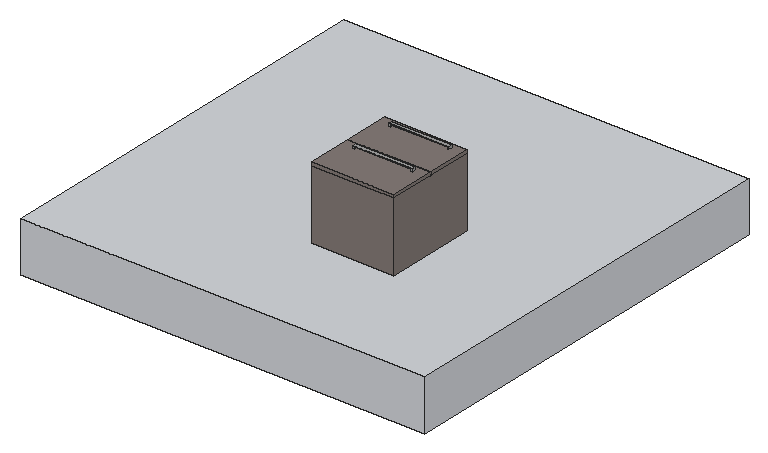
Revit family "IS_Tempo_E1103_BIM_GB", category Plumbing Fixtures, host Face, Revit 2014
Parameters (values of type "E1103SG - Tempo 500mm Vanity Unit - Wall Hung - 2 Drawers - SandyGrey")
  WaterEfficientProduct = no
  WarrantyStartDate [instance] = "1900-12-31T23:59:59"
  WarrantyGuarantorParts = "Productinfo@thebluebook.co.uk"
  WarrantyGuarantorLabor = "n/a"
  WarrantyDurationUnit = "year"
  WarrantyDurationParts = "25"
  WarrantyDurationLabor = "n/a"
  WarrantyDescription = "Manufacturers Warranty"
  WRAS = no
  VolumeUnits = "Litres"
  Version = "1"
  Uniclass2015Version = "Products v1.1"
  Uniclass2015Reference = "Pr_40_30_78_05"
  Uniclass2015Description = "Bathroom furniture"
  Uniclass2 = "n/a"
  URL = "www.idealspec.co.uk"
  Type Comments = "n/a"
  TagNumber [instance] = "n/a"
  TMV3 = no
  SustainabilityPerformance = "FSC"
  SpareParts = "www.fastpart-spares.co.uk"
  Space = "Internal"
  Size = "550 x 440 x 500 mm"
  Shape = "Rectangular"
  SerialNumber [instance] = "n/a"
  Revision = "n/a"
  ReplacementCost = "n/a"
  ProductInformation = "www.idealspec.co.uk/assets/datasheet/E1103SG"
  Phone = "01482 346 461"
  NominalWidth = 500 mm
  NominalLength = 440 mm
  NominalHeight = 550 mm
  NominalDepth = 0 mm
  NettWeight = "15 Kg"
  Name = "Furniture_Tempo_E1103SG_IdealStandard"
  NBSTypeID = "n/a"
  NBSReference = "45-35-72/320"
  NBSOfficeMasterTag = "n/a"
  NBSNote = "n/a"
  NBSDescription = "Bathroom integrated duct work"
  NBSCertification = "n/a"
  ModelReference = Description  # "Tempo wall hung 500mm vanity unit with 2 drawers"
  ModelNumber = Model  # "E1103SG"
  MetalMtl = ISI_IdealStandard_Sanitaryware_Chrome_Render
  ManufacturerURL = "www.idealspec.co.uk"
  LinearUnits = "millimeters"
  LaminateMtl = ISI_IdealStandard_Sanitaryware_SandyGrey_SG_Render
  InstallationInstructions = "www.idealspec.co.uk/resources.html"
  InstallationDate [instance] = "1900-12-31T23:59:59"
  IfcExportType = "CABINET"
  IfcExportAs = "IfcFurnitureType"
  Help = "Productinfo@thebluebook.co.uk"
  GrossWeight = "n/a"
  Grade = "n/a"
  Finish = "Sandy grey"
  Features = "Wall hung 500mm vanity unit with 2 drawers"
  ExpectedLife = "30"
  DurationUnit = "year"
  CurrencyUnit = "n/a"
  CreatedOn = "2016-07-14"
  Cost = 0
  Constituents = "n/a"
  ConnectionType = "Mechanical"
  Color = "Sandy grey"
  CodePerformance = "n/a"
  Category = "n/a"
  Reference = "n/a"
  Model = "E1103SG"
  Manufacturer = "Productinfo@thebluebook.co.uk"
  ECA = no
  Description = "Tempo wall hung 500mm vanity unit with 2 drawers"
  Default Elevation = 800 mm
  Brand = "Ideal Standard"
  BarCode = "n/a"
  BREEAM = no
  BIMObjectName = "ISI_IdealStandard_Furniture_Tempo_E1103SG"
  Author = "Ideal Standard (UK) Ltd"
  AssetType = "Fixed"
  AssetIdentifier [instance] = "n/a"
  Assembly Code = "C1030200"
  AreaUnits = "millimeters"
  AreaMeasurement = "n/a"
  Accessories = "www.idealspec.co.uk"
  AccessibilityPerformance = "n/a"
Types (2, lengths in mm): name | ProductInformation | NominalDepth | Name | ModelNumber | LaminateMtl | Finish | Color | Model | BIMObjectName
  E1103SG - Tempo 500mm Vanity Unit - Wall Hung - 2 Drawers - SandyGrey | "www.idealspec.co.uk/assets/datasheet/E1103SG" | 0 | "Furniture_Tempo_E1103SG_IdealStandard" | "E1103SG" | ISI_IdealStandard_Sanitaryware_SandyGrey_SG_Render | "Sandy grey" | "Sandy grey" | "E1103SG" | "ISI_IdealStandard_Furniture_Tempo_E1103SG"
  E1103WG - Tempo 500mm Vanity Unit - Wall Hung - 2 Drawers - White Gloss | "www.idealspec.co.uk/assets/datasheet/E1103WG" | 440 | "Furniture_Tempo_E1103WG_IdealStandard" | "E1103WG" | ISI_IdealStandard_Sanitaryware_WhiteGloss_WG_Render | "White gloss" | "White gloss" | "E1103WG" | "ISI_IdealStandard_Furniture_Tempo_E1103WG"
Reference planes
  plane 1 "Center (Front/Back)": y = 0
  plane 2: z = 0
  plane 3 "Center (Left/Right)": x = 0
  plane 4: z = 440
  plane 5: x = 500
  plane 6: y = -550
  plane 7: z = 419
  plane 8: x = 18
  plane 9: z = 18
  plane 10: x = 482
  plane 11: y = -275
  plane 12: y = -532
  plane 13: y = -274
  plane 14: y = -276
  plane 15: x = 250
  plane 16: x = 430
  plane 17: x = 70
  plane 18: z = 460
  plane 19: x = 80
  plane 20: z = 455
  plane 21: x = 420
  plane 22: y = -30
  plane 23: y = -50
  plane 24: y = -306
  plane 25: y = -326
Forms (mm)
  Extrusion 1, solid
    sketch origin (0, 0, 0) x (1, 0, 0) y (0, 1, 0)
      loop
        line (-1219.2, 1219.2) -> (-1219.2, -1219.2) -> (1219.2, -1219.2) -> (1219.2, 1219.2) -> (-1219.2, 1219.2)
    from 0 to -304.8
  Extrusion 2, solid, material "ISI_IdealStandard_Sanitaryware_SandyGrey_SG_Render" <- "LaminateMtl"
    sketch origin (-288.444, -550, 1219.2) x (-1, 0, 0) y (0, 0, 1)
      loop
        line (-288.444, -800.2) -> (-788.444, -800.2) -> (-788.444, -1219.2) -> (-288.444, -1219.2) -> (-288.444, -800.2)
    from 0 to 550
  Extrusion 3, void
    sketch origin (-57.632, -532, 1219.2) x (1, 0, 0) y (0, 0, 1)
      loop
        line (75.632, -800.2) -> (75.632, -1201.2) -> (539.632, -1201.2) -> (539.632, -800.2) -> (75.632, -800.2)
    from -532 to 0
  Extrusion 4, solid, material "ISI_IdealStandard_Sanitaryware_SandyGrey_SG_Render" <- "LaminateMtl"
    sketch origin (-63.342, -4572, 419) x (-1, 0, 0) y (0, -1, 0)
      loop
        line (-63.342, -4296) -> (-63.342, -4022) -> (-563.342, -4022) -> (-563.342, -4296) -> (-63.342, -4296)
      loop
        line (-63.342, -4572) -> (-63.342, -4298) -> (-563.342, -4298) -> (-563.342, -4572) -> (-63.342, -4572)
    from 0 to 21
  Extrusion 5, solid, material "ISI_IdealStandard_Sanitaryware_Chrome_Render" <- "MetalMtl"
    sketch origin (52.274, -50, 1219.2) x (-1, 0, 0) y (0, 0, 1)
      loop
        line (-17.726, -779.2) -> (-17.726, -764.2)
        arc (-17.726, -764.2) -> (-197.726, -759.2) -> (-377.726, -764.2) r 3242.5
        line (-377.726, -764.2) -> (-377.726, -779.2) -> (-367.726, -779.2) -> (-367.726, -769.2)
        arc (-367.726, -769.2) -> (-197.726, -764.2) -> (-27.726, -769.2) r 2892.5
        line (-27.726, -769.2) -> (-27.726, -779.2) -> (-17.726, -779.2)
    from 0 to 20
  Extrusion 6, solid, material "ISI_IdealStandard_Sanitaryware_Chrome_Render" <- "MetalMtl"
    sketch origin (166.735, -326, 1219.2) x (-1, 0, 0) y (0, 0, 1)
      loop
        line (96.735, -779.2) -> (96.735, -764.2)
        arc (96.735, -764.2) -> (-83.265, -759.2) -> (-263.265, -764.2) r 3242.5
        line (-263.265, -764.2) -> (-263.265, -779.2) -> (-253.265, -779.2) -> (-253.265, -769.2)
        arc (-253.265, -769.2) -> (-83.265, -764.2) -> (86.735, -769.2) r 2892.5
        line (86.735, -769.2) -> (86.735, -779.2) -> (96.735, -779.2)
    from 0 to 20
Cuts and joins
  Extrusion 3 cuts Extrusion 2
Dimensions and locks
  equal spacing: plane 6, plane 11, plane 1 "Center (Front/Back)"
  "NominalHeight": plane 6 to plane 1 "Center (Front/Back)"
  "NominalWidth": plane 3 "Center (Left/Right)" to plane 5
  "NominalLength": plane 4 to Extrusion 1
  equal spacing: plane 3 "Center (Left/Right)", plane 15, plane 5
  aligned and locked: plane 2 to Extrusion 1
  aligned and locked: level to Extrusion 1
  aligned and locked: Extrusion 2 sketch curve to plane 3 "Center (Left/Right)"
  aligned and locked: Extrusion 2 sketch curve to level
  aligned and locked: Extrusion 2 sketch curve to plane 5
  aligned and locked: plane 7 to Extrusion 2 sketch curve
  aligned and locked: Extrusion 2 to plane 1 "Center (Front/Back)"
  aligned and locked: Extrusion 2 to plane 6
  aligned and locked: Extrusion 3 sketch curve to plane 7
  aligned and locked: Extrusion 3 sketch curve to plane 8
  aligned and locked: plane 9 to Extrusion 3 sketch curve
  aligned and locked: plane 10 to Extrusion 3 sketch curve
  aligned and locked: Extrusion 3 to plane 1 "Center (Front/Back)"
  aligned and locked: Extrusion 3 to plane 12
  aligned and locked: Extrusion 4 sketch curve to plane 14
  aligned and locked: Extrusion 4 sketch curve to cut or joined group of Extrusion 2, Extrusion 3  (x4)
  aligned and locked: plane 3 "Center (Left/Right)" to Extrusion 4 sketch curve
  aligned and locked: plane 13 to Extrusion 4 sketch curve
  aligned and locked: plane 5 to Extrusion 4 sketch curve
  aligned and locked: Extrusion 4 to plane 7
  aligned and locked: plane 4 to Extrusion 4
  aligned and locked: Extrusion 5 sketch curve to plane 17
  aligned and locked: Extrusion 5 sketch curve to plane 4
  aligned and locked: Extrusion 5 sketch curve to plane 16
  aligned and locked: Extrusion 5 to plane 23
  aligned and locked: plane 22 to Extrusion 5
  aligned and locked: Extrusion 6 to plane 24
  aligned and locked: Extrusion 6 to plane 25
Automatic sketch dimensions
  Extrusion 1 sketch curve to Extrusion 1 sketch curve = 2438.4 mm  (x2)
  Extrusion 5 sketch curve to plane 21 = 0 mm
  Extrusion 5 sketch curve to plane 15 = 0 mm  (x2)
  Extrusion 5 sketch curve to plane 4 = 0 mm
  plane 19 to Extrusion 5 sketch curve = 0 mm
  Extrusion 5 sketch curve to plane 20 = 0 mm
  Extrusion 5 sketch curve to level = 2437.5 mm
  Extrusion 5 sketch curve to Extrusion 5 sketch curve = 345 mm
  Extrusion 5 sketch curve to plane 20 = 5 mm
  Extrusion 6 sketch curve to plane 4 = 0 mm  (x2)
  plane 16 to Extrusion 6 sketch curve = 0 mm
  Extrusion 6 sketch curve to plane 21 = 0 mm
  Extrusion 6 sketch curve to plane 15 = 0 mm  (x2)
  plane 19 to Extrusion 6 sketch curve = 0 mm
  Extrusion 6 sketch curve to plane 17 = 0 mm
  Extrusion 6 sketch curve to plane 20 = 0 mm
  Extrusion 6 sketch curve to level = 2437.5 mm
  Extrusion 6 sketch curve to Extrusion 6 sketch curve = 345 mm
  Extrusion 6 sketch curve to plane 20 = 5 mm
